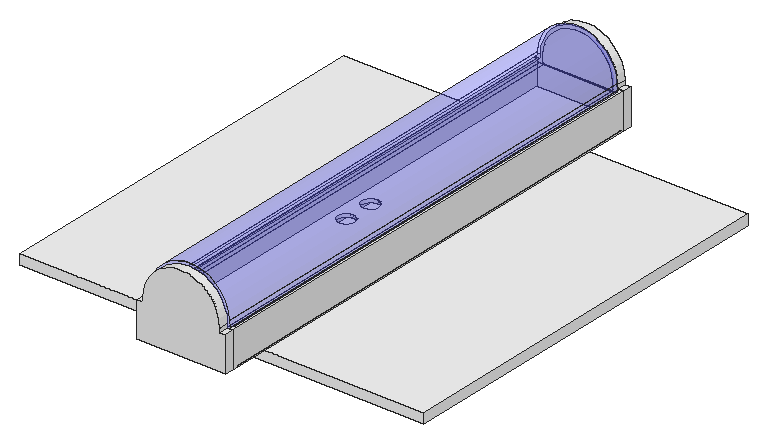
Revit family "BE_67683.1_de_DE", category Leuchten, Revit 2015
Parameters (values of type "BEGA_67683.1_K4")
  built-in parameter 1150104 = 13.164 (stored number, unit not read)
  Wattage = 12 W
  Default Elevation = 0 mm
  built-in parameter 1150113 = 1 (stored number, unit not read)
  built-in parameter 1114218 = 1 (stored number, unit not read)
  Umgebungstemperatur = ""
  URL = "http://www.bega.de/produkt/67683.1"
  Typenkommentare = "© 2017 BEGA. Wir behalten uns das Recht vor, technische Änderungen ohne vorherige Ankündigung vorzunehmen."  # constant formula
  built-in parameter 1150134 = 12
  built-in parameter 1150109 = 1 (stored number, unit not read)
  Strom = ""
  built-in parameter 1150110 = 1 (stored number, unit not read)
  Spannung = 239.996 V
  Sonderanfertigung = no
  Seriennummer [instance] = "Hier können Sie die eindeutige Seriennummer für das Facility Management eintragen."
  Schutzklasse = "I"
  Schutzart = "IP 44"
  Scheinlast = 0 VA
  Produktdatenblatt = "http://www.bega.de/download/Xrfa/db/67683.1.db.de.pdf"
  Oberflächentemperatur = ""
  Neigungswinkel = 0.00°
  Modell = "67683.1K4"
  Material_17 = BEGA_Reflektor
  Material_15 = BEGA_Leuchtmedium_matt
  Material_11 = BEGA_Glas_opal
  Material_09 = BEGA_Glas_klar
  Material_06 = BEGA_Oberfläche_Edelstahl_gebürstet
  Material_05 = BEGA_Oberfläche_Aluminium Guss
  Material_03 = BEGA_Oberfläche_Weiss_matt
  Material_02 = BEGA_Oberfläche_Silber_matt
  Material_01 [instance] = BEGA_Oberfläche_Grafit_matt
  M_W = no
  M_G = no
  M_A = no
  Logo = 0
  built-in parameter 1114217 = 1 (stored number, unit not read)
  built-in parameter 1150139 = (empty or 0)
  built-in parameter 1150105 = 135.31 (stored number, unit not read)
  built-in parameter 1150114 = 1 (stored number, unit not read)
  Lumens = 1700.4 lm
  built-in parameter 1150115 = 1 (stored number, unit not read)
  Leuchtenlichtstrom = "1035 lm"
  Leuchtenanzahl = ""
  Lebensdauerkriterien = "L70B50 @ 25 °C = 105000 h"
  Lastklassifizierung = Beleuchtung
  built-in parameter 1150112 = 1 (stored number, unit not read)
  Lampenlichtstrom = "1700 lm"
  Lampe = "LED 12 W"
  LED_Modulbezeichnung = "4x LED-0546/840"
  Hersteller = "BEGA"  # constant formula
  Halbstreuwinkel = ""
  Gewicht = "2.1 kg"
  Gebrauchslageneinschränkung [instance] = ""
  Frequenz = "0/50-60 Hz"
  Farbwiedergabeindex = "Ra > 80"
  Farbtemperaturverschiebung bei Dämpfen der Lampe = <Keine Auswahl>
  Farbtemperatur = "4000 K"
  Color Filter = 16777215
  built-in parameter 1150133 = 10 (stored number, unit not read)
  Energieeffizienzklasse = "LED A++ - A"
  built-in parameter 1150137 = (empty or 0)
  built-in parameter 1150132 = (empty or 0)
  ENEC = ""
  Dimmbar [instance] = "1-10 V SELV"
  Datei für fotometrisches Netz = "BE_67683K4.IES"
  CE_Konformität = "ja"
  Bestellnummer = "67683.1K4"
  Beschreibung_Sonderanfertigung = "Hier können Sie Informationen zur Sonderanfertigung eintragen."
  Beschreibung = "Wandleuchte"
  built-in parameter 1150106 = 1.3531 (stored number, unit not read)
  Befestigungsbohrung = "Ø 5,5 mm"
  Befestigungsabstand = "440 x 56 mm"
  Ballwurfsicher = ""
  BEGA_Intern_aus = yes
  BEGA_Intern_an = yes
  BEGA_Intern_Konstruktion = yes
  BEGA_Intern = yes
  BEGA_IES = yes
  BEGA_Dummy = no
  Anschlussleitung = ""
  Anschlussleistung [instance] = "15.6 W"
  Anschlusskasten = ""
  built-in parameter 1150107 = 4000 (stored number, unit not read)
  built-in parameter 1150102 = (empty or 0)
  built-in parameter 1150138 = (empty or 0)
  Aktualisierung = "2017-09-29T04:10:01"
  Abstand_zur_angestrahlten_Fläche [instance] = ""
  AC/DC = "AC/DC"
Types (2, lengths in mm): name | built-in parameter 1150104 | built-in parameter 1150134 | Modell | built-in parameter 1150105 | Lumens | Leuchtenlichtstrom | Lampenlichtstrom | LED_Modulbezeichnung | Farbtemperatur | Datei für fotometrisches Netz | Bestellnummer | built-in parameter 1150106 | built-in parameter 1150107
  BEGA_67683.1_K3 | 12.387 (stored number, unit not read) | (empty or 0) | "67683.1" | 127.32 (stored number, unit not read) | 1599.96 lm | "975 lm" | "1600 lm" | "4x LED-0546/830" | "3000 K" | "BE_67683.IES" | "67683.1" | 1.2732 (stored number, unit not read) | 3000 (stored number, unit not read)
  BEGA_67683.1_K4 | 13.164 (stored number, unit not read) | 12 | "67683.1K4" | 135.31 (stored number, unit not read) | 1700.4 lm | "1035 lm" | "1700 lm" | "4x LED-0546/840" | "4000 K" | "BE_67683K4.IES" | "67683.1K4" | 1.3531 (stored number, unit not read) | 4000 (stored number, unit not read)
Reference planes
  plane 1 "Mitte (Vorne/Hinten)": y = 0
  plane 2: z = 0
  plane 3 "Mitte (Links/Rechts)": x = 0
  plane 4 "Links": x = -44
  plane 5 "Rechts": x = 44
  plane 6 "Unten": y = -250.1
  plane 7 "Oben": y = 250.1
  plane 8 "Vorne": z = 79.5
  plane 9 "Hinten": z = 0
Forms (mm)
  Extrusion 1, solid, material "BEGA_Platte_Weiss"
    sketch origin (0, -1119.2, 0) x (1, 0, 0) y (0, 1, 0)
      loop
        line (-200, 1319.2) -> (-200, 919.2) -> (200, 919.2) -> (200, 1319.2) -> (-200, 1319.2)
    from 0 to -10
  Extrusion 2, solid, material "BEGA_Dummy_matt", visible <- "BEGA_Dummy"
    sketch origin (80.095, -76.023, 0) x (1, 0, 0) y (0, 1, 0)
      loop
        line (-124.095, 326.123) -> (-124.095, -174.077) -> (-36.095, -174.077) -> (-36.095, 326.123) -> (-124.095, 326.123)
    from 0 to 79.5
Dimensions and locks
  plane 1 "Mitte (Vorne/Hinten)" to Extrusion 1 = 200 mm
  aligned and locked: plane 2 to Extrusion 1
  aligned and locked: level to Extrusion 1
Nested families
  nested 1: "BE_67683.1" at (0, 0, 0) x (0, 1, 0) z (0, 0, 1), type "BE_67683.1"
Connectors
  electrical at (0, 0, 0), driven by "Lastklassifizierung", driven by "Spannung", driven by "Scheinlast"
    settings: index 1, voltage 239.996 V, apparent load 0 VA, apparent load phase1 0 VA, apparent load phase2 0 VA, apparent load phase3 0 VA, power factor 1, load classification "Beleuchtung", number of poles 1, system type 31, power factor state 1, is connector primary yes, connector utility no, sub classification motor no, connector description ""
Definition of nested family "BE_67683.1"
  Parameters (values of type "BE_67683.1")
    Default Elevation = 1 mm
    URL = "http://www.bega.de/de/produkt"
    Type Comments = "© 2015 BEGA. Wir behalten uns das Recht vor, technische Änderungen ohne vorherige Ankündigung vorzunehmen. "  # constant formula
    Type Image = (empty or 0)
    Neigungswinkel_um_Z2 = 0.00°
    Neigungswinkel_um_Z1 = 0.00°
    Neigungswinkel_um_Y2 = 0.00°
    Neigungswinkel_um_Y1 = 0.00°
    Neigungswinkel_um_X2 = 0.00°
    Neigungswinkel_um_X1 = 0.00°
    Material_17 = none
    Material_15 = none
    Material_11 = none
    Material_09 = none
    Material_06 = none
    Material_05 = none
    Material_03 = none
    Material_02 = none
    Material_01 = none
    M_W = yes
    M_G = yes
    M_A = yes
    Länge_Platte = 600 mm  # constant formula
    Höhe_Platte = -10 mm  # constant formula
    Manufacturer = "BEGA"  # constant formula
    Drehwinkel_um_Z2 = 0.00°
    Drehwinkel_um_Z1 = 0.00°
    Breite_Platte = 200 mm  # constant formula
  Reference planes
    plane 1 "Mitte (Oben/Unten)": y = 0
    plane 2: z = 0
    plane 3 "Mitte (Links/Rechts)": x = 0
    plane 4: z = 79.5
    plane 5: y = 44
    plane 6: y = -44
    plane 7: x = -250.1
    plane 8: x = 250.1
  Forms (mm)
    Extrusion 1, solid, detail levels medium
      sketch origin (0, 0, 0) x (1, 0, 0) y (0, 1, 0)
        loop
          line (-300, 100) -> (-300, -100) -> (300, -100) -> (300, 100) -> (-300, 100)
      from 0 to -10 <- "Höhe_Platte"
    Extrusion 2, solid, material <- "Material_03", detail levels medium+fine
      sketch origin (0, 0, 0) x (0, 1, 0) y (0, 0, 1)
        loop
          line (44, 36) -> (40.5, 36) -> (40.5, 33.852) -> (41.2, 33.5) -> (41.2, 10.8) -> (-21, 10.8) -> (-21, 4.883) -> (-21.995, 3.8) -> (-41.2, 3.8) -> (-41.2, 33.5) -> (-40.5, 33.852) -> (-40.5, 36) -> (-44, 36) -> (-44, 0.988)
          arc (-44, 0.988) -> (-42.633, 0.79) -> (-41.5, 0) r 3
          line (-41.5, 0) -> (-38.5, 0) -> (-38.5, 1) -> (-20.84, 1) -> (-18.559, 3.282) -> (-18.559, 8) -> (41.2, 8) -> (41.2, 3.8) -> (38.5, 3.8) -> (38.5, 0) -> (41.5, 0)
          arc (41.5, 0) -> (42.633, 0.79) -> (44, 0.988) r 3
          line (44, 0.988) -> (44, 36)
      from -241.1 to 241.1
    Extrusion 3, void
      sketch origin (0, 0, 0) x (1, 0, 0) y (0, 1, 0)
        loop
          circle (-15, 25) r 8.5
        loop
          circle (15, 25) r 8.5
        loop
          circle (-220, 28) r 2.75
        loop
          circle (220, -28) r 2.75
      from 0 to 13
    Extrusion 4, solid, material <- "Material_03", detail levels medium+fine
      sketch origin (0, 0, 0) x (0, 1, 0) y (0, 0, 1)
        loop
          line (-38, 39.479) -> (-38.075, 36) -> (-44, 36) -> (-44, 0.988) -> (44, 0.988) -> (44, 36) -> (38.075, 36) -> (38, 39.479)
          arc (38, 39.479) -> (0, 77.5) -> (-38, 39.479) r 38
      from -250.1 to -241.1
    Extrusion 5, solid, material <- "Material_03", detail levels medium+fine
      sketch origin (0, 0, 0) x (0, 1, 0) y (0, 0, -1)
        loop
          arc (-38, -39.479) -> (0, -77.5) -> (38, -39.479) r 38
          line (38, -39.479) -> (38.075, -36) -> (44, -36) -> (44, -0.988) -> (-44, -0.988) -> (-44, -36) -> (-38.075, -36) -> (-38, -39.479)
      from -250.1 to -241.1
    Extrusion 6, solid, material <- "Material_11", detail levels medium+fine
      sketch origin (0, 0, 0) x (0, 1, 0) y (0, 0, 1)
        loop
          line (40.078, 35.902) -> (39.917, 42.08)
          arc (39.917, 42.08) -> (0, 79.5) -> (-39.917, 42.08) r 40
          line (-39.917, 42.08) -> (-40.078, 35.902)
          arc (-40.078, 35.902) -> (-39.303, 33.81) -> (-37.297, 32.831) r 3
          line (-37.297, 32.831) -> (-34.021, 32.602) -> (34.021, 32.602) -> (37.297, 32.831)
          arc (37.297, 32.831) -> (39.303, 33.81) -> (40.078, 35.902) r 3
      from -239.75 to 239.75
    Extrusion 7, solid, material <- "Material_11", detail levels medium+fine
      sketch origin (0, 0, 0) x (0, 1, 0) y (0, 0, 1)
        loop
          arc (34.489, 33.543) -> (0, 74.5) -> (-34.489, 33.543) r 35
          line (-34.489, 33.543) -> (34.489, 33.543)
      from 238.75 to 243.25
    Extrusion 8, solid, material <- "Material_11", detail levels medium+fine
      sketch origin (0, 0, 0) x (0, 1, 0) y (0, 0, -1)
        loop
          line (34.489, -33.543) -> (-34.489, -33.543)
          arc (-34.489, -33.543) -> (0, -74.5) -> (34.489, -33.543) r 35
      from 238.75 to 243.221
    Revolve 9, void
      sketch origin (0, 0, 0) x (1, 0, 0) y (0, 0, 1)
        loop
          line (250.26, 23.359) -> (246.769, 19.869) -> (246.769, 18) -> (250.26, 18) -> (250.26, 23.359)
        axis (246.769, 18) -> (250.26, 18)
      angle from 0 to 360
    Revolve 10, solid, material <- "Material_06", detail levels fine
      sketch origin (0, 0, 0) x (1, 0, 0) y (0, 0, 1)
        loop
          arc (250.777, 18) -> (250.479, 20.423) -> (249.602, 22.702) r 10
          line (249.602, 22.702) -> (247.5, 20.6) -> (247.5, 18) -> (250.777, 18)
        axis (247.5, 18) -> (250.777, 18)
      angle from 0 to 360
  Cuts and joins
    Extrusion 3 cuts Extrusion 2
    joined: Extrusion 6, Extrusion 7, Extrusion 8
    Revolve 9 cuts Extrusion 4
    Revolve 9 cuts Extrusion 5
    joined: Extrusion 4, Extrusion 5
  Dimensions and locks
    equal spacing: Extrusion 1 sketch curve, plane 3 "Mitte (Links/Rechts)", Extrusion 1 sketch curve
    equal spacing: Extrusion 1 sketch curve, plane 1 "Mitte (Oben/Unten)", Extrusion 1 sketch curve
    "Länge_Platte": Extrusion 1 sketch curve to Extrusion 1 sketch curve
    "Breite_Platte": Extrusion 1 sketch curve to Extrusion 1 sketch curve
    aligned and locked: Extrusion 1 to plane 2
    aligned and locked: level to Extrusion 1
  Automatic sketch dimensions
    Extrusion 2 sketch curve to level = 0 mm  (x2)
    plane 1 "Mitte (Oben/Unten)" to Extrusion 2 sketch curve = 44 mm
    Extrusion 2 sketch curve to Extrusion 2 sketch curve = 0.264 mm
    Extrusion 2 sketch curve to Extrusion 2 sketch curve = 2.5 mm  (x3)
    Extrusion 2 sketch curve to Extrusion 2 sketch curve = 0.3 mm
    Extrusion 2 sketch curve to Extrusion 2 sketch curve = 0.7 mm
    level to Extrusion 2 sketch curve = 1 mm
    Extrusion 2 sketch curve to Extrusion 2 sketch curve = 3 mm  (x2)
    level to Extrusion 2 sketch curve = 3.8 mm  (x2)
    Extrusion 2 sketch curve to Extrusion 2 sketch curve = 16.505 mm
    Extrusion 2 sketch curve to Extrusion 2 sketch curve = 0.995 mm
    Extrusion 2 sketch curve to Extrusion 2 sketch curve = 1.155 mm
    Extrusion 2 sketch curve to Extrusion 2 sketch curve = 2.441 mm
    Extrusion 2 sketch curve to plane 1 "Mitte (Oben/Unten)" = 38.5 mm
    Extrusion 2 sketch curve to Extrusion 2 sketch curve = 2 mm
    Extrusion 2 sketch curve to Extrusion 2 sketch curve = 2.7 mm  (x2)
    Extrusion 2 sketch curve to Extrusion 2 sketch curve = 2.236 mm
    Extrusion 2 sketch curve to level = 2 mm  (x2)
    Extrusion 2 sketch curve to Extrusion 2 sketch curve = 2.282 mm
    Extrusion 2 sketch curve to Extrusion 2 sketch curve = 1.083 mm
    Extrusion 2 sketch curve to Extrusion 2 sketch curve = 4.2 mm
    Extrusion 2 sketch curve to Extrusion 2 sketch curve = 2.8 mm
    Extrusion 2 sketch curve to Extrusion 2 sketch curve = 29.7 mm
    Extrusion 2 sketch curve to Extrusion 2 sketch curve = 22.7 mm
    Extrusion 2 sketch curve to Extrusion 2 sketch curve = 0.352 mm  (x2)
    Extrusion 2 sketch curve to Extrusion 2 sketch curve = 2.148 mm
    Extrusion 3 sketch curve to plane 3 "Mitte (Links/Rechts)" = 15 mm
    plane 3 "Mitte (Links/Rechts)" to Extrusion 3 sketch curve = 15 mm
    plane 1 "Mitte (Oben/Unten)" to Extrusion 3 sketch curve = 28 mm
    Extrusion 3 sketch curve to plane 1 "Mitte (Oben/Unten)" = 25 mm  (x2)
    Extrusion 3 sketch curve to plane 1 "Mitte (Oben/Unten)" = 28 mm
    Extrusion 4 sketch curve to plane 1 "Mitte (Oben/Unten)" = 0 mm
    plane 1 "Mitte (Oben/Unten)" to Extrusion 4 sketch curve = 38 mm
    Extrusion 4 sketch curve to Extrusion 4 sketch curve = 0.075 mm  (x2)
    level to Extrusion 4 sketch curve = 0.988 mm
    Extrusion 4 sketch curve to Extrusion 4 sketch curve = 5.925 mm  (x2)
    Extrusion 4 sketch curve to plane 1 "Mitte (Oben/Unten)" = 38 mm
    Extrusion 4 sketch curve to Extrusion 4 sketch curve = 35.012 mm  (x2)
    Extrusion 4 sketch curve to Extrusion 4 sketch curve = 3.479 mm
    Extrusion 4 sketch curve to Extrusion 4 sketch curve = 0.021 mm
    Extrusion 5 sketch curve to plane 1 "Mitte (Oben/Unten)" = 0 mm
    plane 1 "Mitte (Oben/Unten)" to Extrusion 5 sketch curve = 38 mm
    Extrusion 5 sketch curve to Extrusion 5 sketch curve = 0.075 mm  (x2)
    level to Extrusion 5 sketch curve = 0.988 mm
    Extrusion 5 sketch curve to Extrusion 5 sketch curve = 5.925 mm  (x2)
    Extrusion 5 sketch curve to plane 1 "Mitte (Oben/Unten)" = 38 mm
    Extrusion 5 sketch curve to Extrusion 5 sketch curve = 35.012 mm  (x2)
    Extrusion 5 sketch curve to Extrusion 5 sketch curve = 3.479 mm
    Extrusion 5 sketch curve to Extrusion 5 sketch curve = 0.021 mm
    Extrusion 6 sketch curve to plane 1 "Mitte (Oben/Unten)" = 0 mm
    plane 1 "Mitte (Oben/Unten)" to Extrusion 6 sketch curve = 34.021 mm
    Extrusion 6 sketch curve to Extrusion 6 sketch curve = 3.058 mm  (x2)
    Extrusion 6 sketch curve to Extrusion 6 sketch curve = 0.219 mm  (x2)
    Extrusion 6 sketch curve to Extrusion 6 sketch curve = 2.999 mm  (x2)
    Extrusion 6 sketch curve to plane 1 "Mitte (Oben/Unten)" = 34.021 mm
    Extrusion 6 sketch curve to Extrusion 6 sketch curve = 2.838 mm
    level to Extrusion 6 sketch curve = 32.602 mm
    Extrusion 6 sketch curve to Extrusion 6 sketch curve = 0.229 mm  (x2)
    Extrusion 6 sketch curve to Extrusion 6 sketch curve = 2.992 mm  (x2)
    Extrusion 6 sketch curve to Extrusion 6 sketch curve = 6.898 mm
    Extrusion 6 sketch curve to Extrusion 6 sketch curve = 6.179 mm
    Extrusion 6 sketch curve to Extrusion 6 sketch curve = 0.161 mm
    Extrusion 6 sketch curve to Extrusion 6 sketch curve = 0 mm
    Extrusion 7 sketch curve to plane 1 "Mitte (Oben/Unten)" = 0 mm
    plane 1 "Mitte (Oben/Unten)" to Extrusion 7 sketch curve = 34.489 mm
    level to Extrusion 7 sketch curve = 33.543 mm
    Extrusion 7 sketch curve to Extrusion 7 sketch curve = 5.957 mm
    Extrusion 8 sketch curve to plane 1 "Mitte (Oben/Unten)" = 0 mm
    plane 1 "Mitte (Oben/Unten)" to Extrusion 8 sketch curve = 34.489 mm
    level to Extrusion 8 sketch curve = 39.5 mm
    level to Extrusion 8 sketch curve = 33.543 mm
    level to Revolve 10 sketch curve = 18 mm
    Revolve 10 sketch curve to Revolve 10 sketch curve = 6.723 mm
    level to Revolve 10 sketch curve = 22.702 mm
    Revolve 10 sketch curve to Revolve 10 sketch curve = 2.102 mm
    Revolve 10 sketch curve to Revolve 10 sketch curve = 2.6 mm
    Revolve 10 sketch curve to Revolve 10 sketch curve = 0 mm  (x3)
    Extrusion 3 sketch curve to Extrusion 3 sketch curve = 205 mm  (x2)
    plane 3 "Mitte (Links/Rechts)" to Revolve 10 sketch curve = 240.777 mm
    level to Revolve 9 sketch curve = 19.869 mm
    Revolve 9 sketch curve to Revolve 9 sketch curve = 3.49 mm  (x2)
    Revolve 9 sketch curve to Revolve 9 sketch curve = 1.869 mm
    Revolve 9 sketch curve to Revolve 9 sketch curve = 0 mm  (x2)
    Revolve 9 sketch curve to Revolve 9 sketch curve = 0.502 mm
    plane 3 "Mitte (Links/Rechts)" to Revolve 9 sketch curve = 246.769 mm
    radius of Extrusion 3 sketch curve = 8.5 mm  (x2)
    radius of Extrusion 3 sketch curve = 2.75 mm  (x2)
